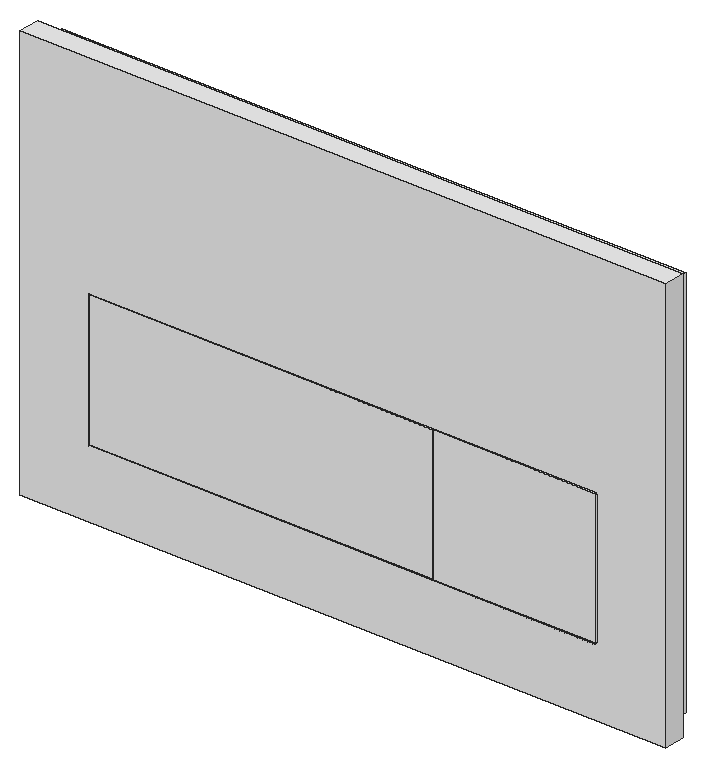
Revit family "Plum Fix_Toilet_Argent_Kubic In Wall Flush Plate", category Plumbing Fixtures, Revit 2016
Family settings
  Part Type = Normal
  Round Connector Dimension = Use Diameter
  OmniClass Number = 23.45.05.21.11.11
  OmniClass Title = Water Operated Water Closets
  Work Plane-Based = No
  Always vertical = Yes
  Cut with Voids When Loaded = Yes
  Shared = No
  Room Calculation Point = No
Parameters (values of type "Chrome")
  Waste Connection = no
  WFU = 0
  Vent Connection = no
  URL = "https://www.argentaust.com.au/"
  Type Comments = "Chrome finish"
  ModifiedIssue_ANZRS = 20190503
  Model = "IN38785"
  Manufacturer_URL__Product Specific = "https://www.argentaust.com.au/argent-flushing-flushplates-kubic-flush-plate-mechanical?item=8988"
  Manufacturer_Spec Code = Model  # "IN38785"
  Manufacturer_Overall Width = 236 mm  # constant formula
  Manufacturer_Overall Height = 152 mm  # constant formula
  Manufacturer_Overall Depth = 8 mm  # constant formula
  Manufacturer_Height From FFL [instance] = 0 mm
  Manufacturer = "Argent"  # constant formula
  Keynote = ""
  HWFU = 0
  HW Connection = no
  FlushingTechnology_ANZRS = ""
  CreatedBy_ANZRS = "IGS BIM Solutions"  # constant formula
  CreatedByURL_ANZRS = "http://www.igsgroup.com.au"
  Description = "Kubic Flushplate - Dual Flush"  # constant formula
  Cost = 0
  CWFU = 0
  CW Connection = no
  Body Material = z_Argent_Chrome
  Assembly Code = ""
Reference planes
  plane 1 "Center (Front/Back)": y = 88.5
  plane 2 "Ref. Level": z = 0
  plane 3 "Front": y = 84.5
  plane 4 "Back": y = 92.5
  plane 5 "Center (Left/Right)": x = -4.48
  plane 6 "Left": x = -122.48
  plane 7 "Right": x = 113.52
  plane 8 "Bottom": z = 0
  plane 9 "Top": z = 152
Forms (mm)
  Extrusion 1, solid, material "z_Argent_Chrome" <- "Body Material"
    sketch origin (0, 88.5, 0) x (1, 0, 0) y (0, 0, 1)
      loop
        line (-122.48, 152) -> (-122.48, 0) -> (113.52, 0) -> (113.52, 152) -> (-122.48, 152)
      loop
        line (-97.48, 74.5) -> (-97.48, 25.5)
        arc (-97.48, 25.5) -> (-97.334, 25.146) -> (-96.98, 25) r 0.5
        line (-96.98, 25) -> (88.02, 25)
        arc (88.02, 25) -> (88.374, 25.146) -> (88.52, 25.5) r 0.5
        line (88.52, 25.5) -> (88.52, 74.5)
        arc (88.52, 74.5) -> (88.374, 74.854) -> (88.02, 75) r 0.5
        line (88.02, 75) -> (-96.98, 75)
        arc (-96.98, 75) -> (-97.334, 74.854) -> (-97.48, 74.5) r 0.5
      loop
        line (-96.98, 74.5) -> (-96.98, 25.5) -> (28.22, 25.5) -> (28.22, 74.5) -> (-96.98, 74.5)
      loop
        line (88.02, 25.5) -> (88.02, 74.5) -> (28.82, 74.5) -> (28.82, 25.5) -> (88.02, 25.5)
    from -4 to 4
  Extrusion 2, solid, material "z_Argent_Chrome" <- "Body Material"
    sketch origin (0, 92.5, 0) x (-1, 0, 0) y (0, 0, -1)
      loop
        line (-109.52, -148) -> (118.48, -148) -> (118.48, -4) -> (-109.52, -4) -> (-109.52, -148)
    from -6 to 0
  Extrusion 3, void
    sketch origin (0, 92.5, 0) x (-1, 0, 0) y (0, 0, -1)
      loop
        line (-109.52, -148) -> (118.48, -148) -> (118.48, -4) -> (-109.52, -4) -> (-109.52, -148)
    from -125 to 0
Lines and regions (mm)
  Masking region 1
    outline origin (0, 0, 152) x (0, -1, 0) y (1, 0, 0)
      loop
        line (-84.5, -122.48) -> (-84.5, 113.52) -> (-92.5, 113.52) -> (-92.5, 109.52) -> (-98.5, 109.52) -> (-98.5, -118.48) -> (-92.5, -118.48) -> (-92.5, -122.48) -> (-84.5, -122.48)
  Masking region 2
    outline origin (0, 84.5, 0) x (-1, 0, 0) y (0, 0, 1)
      loop
        line (122.48, 152) -> (-113.52, 152) -> (-113.52, 0) -> (122.48, 0) -> (122.48, 152)
  Masking region 3
    outline origin (-122.48, 0, 0) x (0, 1, 0) y (0, 0, 1)
      loop
        line (84.5, 152) -> (84.5, 0) -> (92.5, 0) -> (92.5, 4) -> (98.5, 4) -> (98.5, 148) -> (92.5, 148) -> (92.5, 152) -> (84.5, 152)
  symbolic lines, style "Toilets/Bidets", detail levels medium+fine
    curve 1: line (-118.48, 92.5, 152) -> (109.52, 92.5, 152)
    curve 2: line (-97.48, 84.5, 75) -> (88.52, 84.5, 75)
    curve 3: line (-97.48, 84.5, 25) -> (-97.48, 84.5, 75)
    curve 4: line (88.52, 84.5, 25) -> (-97.48, 84.5, 25)
    curve 5: line (88.52, 84.5, 75) -> (88.52, 84.5, 25)
    curve 14: line (-122.48, 92.5, 148) -> (-122.48, 92.5, 4)
  symbolic lines, style "Toilets/Bidets", detail levels fine
    curve 6: line (28.82, 84.5, 74.5) -> (28.82, 84.5, 25.5)
    curve 7: line (28.82, 84.5, 25.5) -> (88.02, 84.5, 25.5)
    curve 8: line (88.02, 84.5, 25.5) -> (88.02, 84.5, 74.5)
    curve 9: line (88.02, 84.5, 74.5) -> (28.82, 84.5, 74.5)
    curve 10: line (28.22, 84.5, 74.5) -> (28.22, 84.5, 25.5)
    curve 11: line (28.22, 84.5, 25.5) -> (-96.98, 84.5, 25.5)
    curve 12: line (-96.98, 84.5, 25.5) -> (-96.98, 84.5, 74.5)
    curve 13: line (-96.98, 84.5, 74.5) -> (28.22, 84.5, 74.5)
    curve 15: line (-122.48, 92.5, 71) -> (-122.48, 96.5, 71)
    curve 16: line (-122.48, 96.5, 71) -> (-122.48, 96.5, 81)
    curve 17: line (-122.48, 96.5, 81) -> (-122.48, 92.5, 81)
Text (mm)
  text "Disclaimer:\n\nDue to ongoing product development and manufacturing evolution, product details are subject to change without notice. Please refer to product technical data sheets on the manufacturer’s website for the most current product information. Please allow a +/- 5mm manufacturing tolerance for dimensions and set-outs shown in product literature." at (197.049, 245.84, 0), in view "Ref. Level_Instruction"
Dimensions and locks
  equal spacing: plane 3 "Front", plane 1 "Center (Front/Back)", plane 4 "Back"
  equal spacing: plane 6 "Left", plane 5 "Center (Left/Right)", plane 7 "Right"
  "Manufacturer_Overall Depth": plane 3 "Front" to plane 4 "Back"
  "Manufacturer_Overall Width": plane 6 "Left" to plane 7 "Right"
  "Manufacturer_Overall Height": plane 9 "Top" to plane 8 "Bottom"
  "Manufacturer_Height From FFL": plane 8 "Bottom" to plane 2 "Ref. Level"
  aligned and locked: Extrusion 1 to plane 4 "Back"
  aligned and locked: plane 3 "Front" to Extrusion 1
Automatic sketch dimensions
  Extrusion 2 sketch curve to plane 7 "Right" = 4 mm
  Extrusion 2 sketch curve to plane 6 "Left" = 4 mm
  Extrusion 2 sketch curve to plane 8 "Bottom" = 4 mm
  plane 9 "Top" to Extrusion 2 sketch curve = 4 mm
  Extrusion 3 sketch curve to plane 7 "Right" = 4 mm
  Extrusion 3 sketch curve to plane 6 "Left" = 4 mm
  Extrusion 3 sketch curve to plane 8 "Bottom" = 4 mm
  plane 9 "Top" to Extrusion 3 sketch curve = 4 mm
  plane 7 "Right" to Masking region 2 sketch curve = 0 mm
  Masking region 2 sketch curve to plane 6 "Left" = 0 mm
  Masking region 2 sketch curve to plane 8 "Bottom" = 0 mm
  Masking region 2 sketch curve to plane 9 "Top" = 0 mm
  curve 2 to plane 7 "Right" = 25 mm
  curve 4 to curve 7 = 0.5 mm
  curve 6 to plane 5 "Center (Left/Right)" = 33.3 mm
  curve 6 to curve 10 = 0.6 mm
  curve 12 to plane 6 "Left" = 25.5 mm
  curve 11 to curve 3 = 0.5 mm
  curve 4 to plane 8 "Bottom" = 25 mm
  curve 10 to plane 8 "Bottom" = 25.5 mm
  curve 4 to curve 8 = 0.5 mm
  curve 7 to curve 8 = 49 mm
  curve 11 to curve 3 = 49.5 mm
  curve 13 to curve 6 = 0 mm
  Masking region 3 sketch curve to plane 3 "Front" = 0 mm
  Masking region 3 sketch curve to plane 4 "Back" = 0 mm  (x2)
  Masking region 3 sketch curve to plane 8 "Bottom" = 0 mm
  Masking region 3 sketch curve to plane 9 "Top" = 0 mm
  Masking region 3 sketch curve to Masking region 3 sketch curve = 6 mm
  plane 8 "Bottom" to Masking region 3 sketch curve = 4 mm
  Masking region 3 sketch curve to plane 9 "Top" = 4 mm
  curve 17 to plane 4 "Back" = 0 mm
  curve 16 to plane 4 "Back" = 4 mm
  plane 8 "Bottom" to curve 15 = 71 mm
  plane 8 "Bottom" to curve 14 = 4 mm
  curve 15 to curve 16 = 10 mm
  curve 14 to plane 9 "Top" = 4 mm
  Extrusion 1 sketch curve to plane 6 "Left" = 0 mm
  Extrusion 1 sketch curve to plane 7 "Right" = 0 mm
  Extrusion 1 sketch curve to plane 8 "Bottom" = 0 mm
  Extrusion 1 sketch curve to plane 9 "Top" = 0 mm
  plane 6 "Left" to Extrusion 1 sketch curve = 25 mm
  Extrusion 1 sketch curve to Extrusion 1 sketch curve = 0.5 mm  (x3)
  Extrusion 1 sketch curve to Extrusion 1 sketch curve = 0 mm  (x5)
  plane 5 "Center (Left/Right)" to Extrusion 1 sketch curve = 32.7 mm
  Extrusion 1 sketch curve to Extrusion 1 sketch curve = 0.6 mm
  plane 7 "Right" to Extrusion 1 sketch curve = 25.5 mm  (x2)
  plane 8 "Bottom" to Extrusion 1 sketch curve = 25 mm
  Extrusion 1 sketch curve to Extrusion 1 sketch curve = 49 mm  (x2)
  plane 4 "Back" to Masking region 1 sketch curve = 0 mm  (x2)
  plane 3 "Front" to Masking region 1 sketch curve = 0 mm
  Masking region 1 sketch curve to plane 6 "Left" = 0 mm
  Masking region 1 sketch curve to plane 7 "Right" = 0 mm
  Masking region 1 sketch curve to Masking region 1 sketch curve = 6 mm
  plane 6 "Left" to Masking region 1 sketch curve = 4 mm
  plane 7 "Right" to Masking region 1 sketch curve = 4 mm
  plane 4 "Back" to curve 1 = 0 mm
  plane 6 "Left" to curve 1 = 4 mm
  plane 7 "Right" to curve 1 = 4 mm
